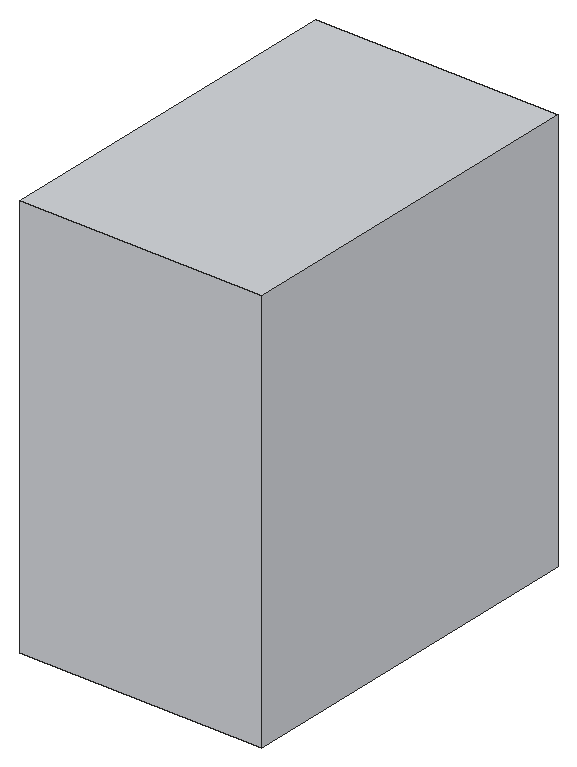
Revit family
Parameters
  Warranty Duration (Years) = 0
  Unit Width [instance] = 1' - 2 1/4"
  Unit Height [instance] = 2' - 4"
  Unit Depth = 0' - 0 1/2"
  URL = "http://www.americanspecialties.com/viewCategories.cfm"
  Trim Material = Metal - Stainless Steel
  Test Data = ""
  Specification = "http://www.arcat.com/sdspecs/htm/10810asi.htm"
  SpecWizard = ""
  Send Message = "http://www.arcat.com/users.pl?action=UserEmail&company=American%20Specialties,%20Inc.&coid=30448&rep=139&fax=914-476-0688&mf="
  Sales Information = "http://www.americanspecialties.com/contact"
  Revision = "R1_10-2010"
  Product Properties = "http://www.americanspecialties.com/datasheets/0462-AD9.pdf"
  Product Data = "http://www.arcat.com/arcatcos/cos30/arc30448.html"
  Model = "As Specified in 10 28 13"
  Manufacturer Website = "http://www.americanspecialties.com/viewCategories.cfm"
  Manufacturer Phone - Toll Free = ""
  Manufacturer Phone = "914-476-9000 "
  Manufacturer Fax = "914-476-0688"
  Manufacturer Address = "441 Saw Mill River Rd., Yonkers, NY 10701"
  Manufacturer = "American Specialties, Inc."
  Maintenance Schedule (Months) = 0
  Keynote = "10 28 13"
  Installation-Fabrication = "http://www.americanspecialties.com/products.cfm"
  Green Building-LEED = ""
  Expected Lifespan (Years) = 0
  Drawn By = "Robert S. Weygant. CSI, CDT, SCIP"  # constant formula
  Description = "Toilet Accessory as Specified in 10 28 13"
  Default Elevation = 4' - 0"
  Copyright = "©Arcat Inc."
  Construction Details = "http://www.arcat.com/green/clients/leed_data_30448.html"
  Building Codes = "http://www.americanspecialties.com/products.cfm"
  Body Material = Metal - Stainless Steel
  Assembly Code = "C1030210"
Reference planes (in)
  plane 1 "Center (Front/Back)": y = -0.29112
  plane 2 "Floor Line": z = 0
  plane 3 "Center (Left/Right)": x = -0.65843
Forms (in)
  Extrusion 1, solid
    sketch origin (-3, -9, -6) x (0, 0, -1) y (1, 0, 0)
      loop
        line (-82, 26) -> (-82, -19.34712) -> (-6, -19.34712) -> (-6, 26) -> (-82, 26)
    from 28.29112 to -41.06337
  Extrusion 2, solid, material "Metal - Stainless Steel" <- "Body Material"
    sketch origin (0, 0, 4) x (1, 0, 0) y (0, 1, 0)
      loop
        line (-6.78343, 12.70888) -> (-6.78343, -13.29112) -> (5.46657, -13.29112) -> (5.46657, 12.70888) -> (-6.78343, 12.70888)
    from 0 to -4
  Extrusion 3, solid, material "Metal - Stainless Steel" <- "Body Material"
    sketch origin (-0.90625, -0.29112, 4) x (1, 0, 0) y (0, 0, 1)
      loop
        line (-6.87718, 0) -> (7.37282, 0) -> (7.37282, 0.5) -> (-6.87718, 0.5) -> (-6.87718, 0)
    from -14 to 14
  Extrusion 4, void
    sketch origin (-0.65843, 0, 4) x (0, 1, 0) y (0, 0, 1)
      loop
        line (0.68482, -3.91905) -> (2.70888, 0) -> (2.70888, 0.9375) -> (-3.54112, 0.9375) -> (-3.54112, -3.91905) -> (0.68482, -3.91905)
    from -6.09375 to 6.09375
  Extrusion 5, void
    sketch origin (-0.65843, 0, 4) x (0, 1, 0) y (0, 0, 1)
      loop
        line (-3.29112, -0.03125) -> (-13.2776, -0.03125) -> (-13.2776, -3.91905) -> (-3.29112, -3.91905) -> (-3.29112, -0.03125)
    from -6.09375 to 6.09375
  Extrusion 6, void
    sketch origin (-34, -5.1136, 7.20225) x (1, 0, 0) y (0, 0.458881, 0.888498)
      loop
        line (28.09288, -1.93126) -> (28.85535, -1.93126)
        arc (28.85535, -1.93126) -> (33.22411, -2.34853) -> (37.59288, -1.93126) r 23.07885
        line (37.59288, -1.93126) -> (38.36783, -1.93126)
        arc (38.36783, -1.93126) -> (38.54891, -1.67833) -> (38.35535, -1.43482) r 0.2582
        line (38.35535, -1.43482) -> (37.60535, -1.43482)
        arc (37.60535, -1.43482) -> (33.23035, -0.48426) -> (28.85535, -1.43482) r 10.54338
        line (28.85535, -1.43482) -> (28.10535, -1.43482)
        arc (28.10535, -1.43482) -> (27.91179, -1.67833) -> (28.09288, -1.93126) r 0.2582
    from -8.41971 to -8.56412
  Extrusion 7, solid, material "Metal - Stainless Steel" <- "Trim Material"
    sketch origin (0, 0, 3.5625) x (1, 0, 0) y (0, 1, 0)
      loop
        circle (-5.78343, 7.70277) r 0.5
      loop
        line (-5.84025, 7.28413) -> (-5.72662, 7.28413) -> (-5.72662, 8.13364) -> (-5.84025, 8.13364) -> (-5.84025, 7.28413)
    from 0.9375 to 1
  Extrusion 8, solid, material "Metal - Stainless Steel" <- "Trim Material"
    sketch origin (0, 0, 4) x (1, 0, 0) y (0, 1, 0)
      loop
        circle (-0.65843, -5.28458) r 0.5
      loop
        circle (-0.65843, -5.28458) r 0.39802
    from 0.5 to 0.5625
  Extrusion 9, solid, material "Metal - Stainless Steel" <- "Body Material"
    sketch origin (0, 0, 0) x (1, 0, 0) y (0, 1, 0)
      loop
        line (-7.78343, 13.70888) -> (-7.78343, -14.29112) -> (6.46657, -14.29112) -> (6.46657, 13.70888) -> (-7.78343, 13.70888)
      loop
        line (-6.78343, 12.70888) -> (-6.78343, -13.29112) -> (5.46657, -13.29112) -> (5.46657, 12.70888) -> (-6.78343, 12.70888)
    from 0 to 4
Cuts and joins
  Extrusion 4, Extrusion 5, Extrusion 6 cuts Extrusion 2
  Extrusion 4 cuts Extrusion 3
Dimensions and locks (in)
  Extrusion 3 sketch curve to Extrusion 3 sketch curve = 1' - 2 1/4"
  Extrusion 3 sketch curve to Extrusion 3 sketch curve = 0' - 0 1/2"
  aligned and locked: Extrusion 1 to level
